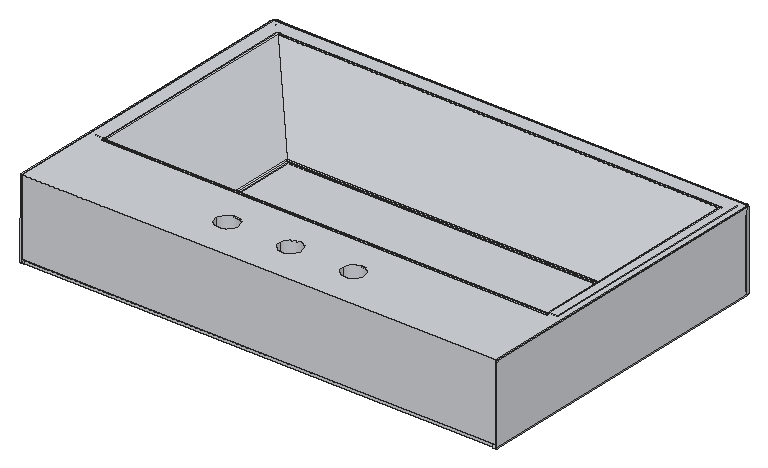
Revit family "M_Sink Bathroom_2", category 위생기구, Revit 2026
Family settings
  원형 커넥터 치수 = 지름 사용
  부품 유형 = 보통
  작업 기준면 기반 = 아니오
  뷰에서 절단 사용 = 아니오
  항상 수직 = 예
  로드될 때 보이드를 사용하여 절단 = 아니오
  주석 방향 유지 = 아니오
  공유 = 아니오
  룸 계산 점 = 아니오
Parameters (values of type "650 x 500mm")
  기본 높이 = 0 mm
  Material = none
  제조업체 = "Revit"
  조합 코드 = "D2010440"
Reference planes
  plane 1 "Center (Front/Back)": y = 0
  plane 2: z = 0
  plane 3 "Center (Left/Right)": x = 0
  plane 4: x = -134.49
  plane 5: x = -249.489
  plane 6: x = -224.489
Forms (mm)
  Sweep 1, solid, material <- "Material"
    path origin (-125, -75, 630) x (1, 0, 0) y (0, 1, 0)
      loop
        line (-223.531, 210) -> (-223.531, 550) -> (476.469, 550) -> (476.469, 210)
    profile origin (0, 305, 0) x (-1, 0, 0) y (0, 0, 1)
      loop
        line (363.392, 745) -> (363.392, 750) -> (349.501, 750)
        arc (349.501, 750) -> (348.531, 749.749) -> (347.805, 749.06) r 2
        line (347.805, 749.06) -> (273.98, 630.94)
        arc (273.98, 630.94) -> (273.253, 630.251) -> (272.284, 630) r 2
        line (272.284, 630) -> (268.039, 630) -> (268.039, 624.958) -> (276.137, 624.958) -> (351.163, 745) -> (363.392, 745)
  Sweep 2, solid, material <- "Material"
    path origin (-125, -75, 630) x (1, 0, 0) y (0, 1, 0)
      loop
        line (-226.163, 205) -> (479.101, 205)
    profile origin (1.469, 0, 0) x (0, 1, 0) y (0, 0, 1)
      loop
        line (149.827, 631.749) -> (135.102, 748.251)
        arc (135.102, 748.251) -> (134.441, 749.5) -> (133.118, 750) r 2
        line (133.118, 750) -> (129.881, 750) -> (145.686, 624.958) -> (155.686, 624.958) -> (155.686, 630) -> (151.811, 630)
        arc (151.811, 630) -> (150.489, 630.5) -> (149.827, 631.749) r 2
  Extrusion 3, solid, material <- "Material"
    sketch origin (-125, -75, 630) x (1, 0, 0) y (0, 1, 0)
      loop
        arc (-245.531, 573) -> (-247.653, 572.121) -> (-248.531, 570) r 3
        line (-248.531, 570) -> (-248.531, 75) -> (501.469, 75) -> (501.469, 570)
        arc (501.469, 570) -> (500.59, 572.121) -> (498.469, 573) r 3
        line (498.469, 573) -> (-245.531, 573)
      loop
        circle (25.511, 139.361) r 17.5
      loop
        circle (125.511, 139.361) r 17.5
      loop
        circle (225.511, 139.361) r 17.5
      loop
        line (479.101, 550) -> (-226.163, 550) -> (-226.163, 205) -> (479.101, 205) -> (479.101, 550)
    from 0 to 120
  Sweep 4, solid, material <- "Material"
    path origin (-125, -75, 630) x (1, 0, 0) y (0, 1, 0)
      loop
        line (-248.531, 75) -> (-248.531, 570)
        arc (-248.531, 570) -> (-247.067, 573.536) -> (-243.531, 575) r 5
        line (-243.531, 575) -> (496.469, 575)
        arc (496.469, 575) -> (500.004, 573.536) -> (501.469, 570) r 5
        line (501.469, 570) -> (501.469, 75)
    profile origin (0, 247.5, 0) x (-1, 0, 0) y (0, 0, 1)
      loop
        line (373.531, 750) -> (373.531, 625) -> (374.531, 625)
        arc (374.531, 625) -> (375.238, 625.293) -> (375.531, 626) r 1
        line (375.531, 626) -> (375.531, 749)
        arc (375.531, 749) -> (375.238, 749.707) -> (374.531, 750) r 1
        line (374.531, 750) -> (373.531, 750)
  Extrusion 5, solid, material <- "Material"
    sketch origin (-125, -75, 630) x (1, 0, 0) y (0, 1, 0)
      loop
        arc (-248.531, 80) -> (-247.067, 76.464) -> (-243.531, 75) r 5
        line (-243.531, 75) -> (496.469, 75)
        arc (496.469, 75) -> (500.004, 76.464) -> (501.469, 80) r 5
        line (501.469, 80) -> (501.469, 570)
        arc (501.469, 570) -> (500.004, 573.536) -> (496.469, 575) r 5
        line (496.469, 575) -> (-243.531, 575)
        arc (-243.531, 575) -> (-247.067, 573.536) -> (-248.531, 570) r 5
        line (-248.531, 570) -> (-248.531, 80)
      loop
        circle (125.51, 275) r 23
    from -5.042 to 0
Lines and regions (mm)
  symbolic lines
    curve 1: spline (-13.969, 136.838, 0) -> (-13.543, 137.579, 0) -> (-12.294, 138.271, 0) -> (-10.308, 138.864, 0) -> (-7.719, 139.32, 0) -> (-4.704, 139.606, 0) -> (-1.469, 139.704, 0) -> (1.766, 139.606, 0) -> (4.781, 139.32, 0) -> (7.37, 138.864, 0) -> (9.357, 138.271, 0) -> (10.605, 137.579, 0) -> (11.031, 136.838, 0)
    curve 2: spline (-13.969, 136.838, 0) -> (-13.543, 136.096, 0) -> (-12.294, 135.405, 0) -> (-10.308, 134.811, 0) -> (-7.719, 134.356, 0) -> (-4.704, 134.069, 0) -> (-1.469, 133.972, 0) -> (1.766, 134.069, 0) -> (4.781, 134.356, 0) -> (7.37, 134.811, 0) -> (9.357, 135.405, 0) -> (10.605, 136.096, 0) -> (11.031, 136.838, 0)
    curve 3: line (370, 500, 0) -> (-370, 500, 0)
    curve 4: arc (-370, 500, 0) -> (-373.536, 498.536, 0) -> (-375, 495, 0) r 5
    curve 5: line (-375, 495, 0) -> (-375, 0, 0)
    curve 6: line (-375, 0, 0) -> (375, 0, 0)
    curve 7: line (375, 0, 0) -> (375, 495, 0)
    curve 8: arc (375, 495, 0) -> (373.536, 498.536, 0) -> (370, 500, 0) r 5
    curve 9: line (345, 475, 0) -> (-345, 475, 0)
    curve 10: arc (-345, 475, 0) -> (-348.536, 473.536, 0) -> (-350, 470, 0) r 5
    curve 11: line (-350, 470, 0) -> (-350, 135, 0)
    curve 12: arc (-350, 135, 0) -> (-348.536, 131.464, 0) -> (-345, 130, 0) r 5
    curve 13: line (-345, 130, 0) -> (345, 130, 0)
    curve 14: arc (345, 130, 0) -> (348.536, 131.464, 0) -> (350, 135, 0) r 5
    curve 15: line (350, 135, 0) -> (350, 470, 0)
    curve 16: arc (350, 470, 0) -> (348.536, 473.536, 0) -> (345, 475, 0) r 5
    curve 17: line (-348.555, 473.516, 0) -> (-270.329, 393.13, 0)
    curve 18: line (348.536, 473.536, 0) -> (268.13, 393.13, 0)
    curve 19: line (-347.276, 130.548, 0) -> (-270.329, 146.03, 0)
    curve 20: line (347.255, 130.537, 0) -> (268.13, 146.03, 0)
    curve 21: line (268.13, 388.13, 0) -> (268.13, 151.03, 0)
    curve 22: arc (268.13, 151.03, 0) -> (266.665, 147.494, 0) -> (263.13, 146.03, 0) r 5
    curve 23: line (263.13, 146.03, 0) -> (-265.329, 146.03, 0)
    curve 24: arc (-265.329, 146.03, 0) -> (-268.865, 147.494, 0) -> (-270.329, 151.03, 0) r 5
    curve 25: line (-270.329, 151.03, 0) -> (-270.329, 388.13, 0)
    curve 26: arc (-270.329, 388.13, 0) -> (-268.865, 391.665, 0) -> (-265.329, 393.13, 0) r 5
    curve 27: line (-265.329, 393.13, 0) -> (263.13, 393.13, 0)
    curve 28: arc (263.13, 393.13, 0) -> (266.665, 391.665, 0) -> (268.13, 388.13, 0) r 5
    curve 29: arc (36.031, 200, 0) -> (-1.469, 237.5, 0) -> (-38.969, 200, 0) r 37.5
    curve 30: arc (-38.969, 200, 0) -> (-1.469, 162.5, 0) -> (36.031, 200, 0) r 37.5
    curve 31: arc (-1.469, 177, 0) -> (-24.469, 200, 0) -> (-1.469, 223, 0) r 23
    curve 32: arc (-1.469, 223, 0) -> (21.531, 200, 0) -> (-1.469, 177, 0) r 23
    curve 33: arc (-82.5, 70, 0) -> (-100, 87.5, 0) -> (-117.5, 70, 0) r 17.5
    curve 34: arc (-117.5, 70, 0) -> (-100, 52.5, 0) -> (-82.5, 70, 0) r 17.5
    curve 35: arc (-17.5, 70, 0) -> (0, 52.5, 0) -> (17.5, 70, 0) r 17.5
    curve 36: arc (17.5, 70, 0) -> (0, 87.5, 0) -> (-17.5, 70, 0) r 17.5
    curve 37: arc (82.5, 70, 0) -> (100, 52.5, 0) -> (117.5, 70, 0) r 17.5
    curve 38: arc (117.5, 70, 0) -> (100, 87.5, 0) -> (82.5, 70, 0) r 17.5
